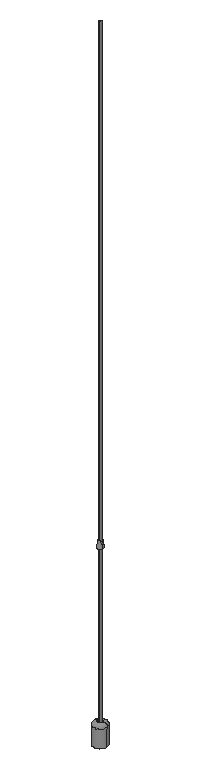
Revit family "Coral 1200", category Lighting Fixtures, host Ceiling, Revit 2017
Family settings
  Host = Ceiling
  Round Connector Dimension = Use Diameter
  Part Type = Normal
  OmniClass Number = 23.80.70.11
  OmniClass Title = Luminaries for Internal Lighting
  Always vertical = Yes
  Cut with Voids When Loaded = No
  Light Source = Yes
  Shared = No
  Room Calculation Point = No
Parameters (values of type "Generic")
  Wattage Comments = "Max. 60 Watts. 110V(US) / 230-240V(EU). Lamp NOT provided."
  Wattage = 6.7321 W
  built-in parameter 1150110 = 1 (stored number, unit not read)
  URL = "https://www.davidtrubridge.com"
  Type Comments = "Ceilig Rose required, contact supplier for options."
  built-in parameter 1114217 = 1 (stored number, unit not read)
  built-in parameter 1150109 = 1 (stored number, unit not read)
  built-in parameter 1150134 = (empty or 0)
  Suspension to top [instance] = Lamp Suspension - 200 mm  # 1800 mm
  built-in parameter 1150113 = 1 (stored number, unit not read)
  Model = "Coral 1200"
  Manufacturer = "David Trubridge"
  Lumens = 1000 lm
  built-in parameter 1150115 = 1 (stored number, unit not read)
  built-in parameter 1150105 = 79.577 (stored number, unit not read)
  Lamp Suspension [instance] = 2000 mm
  Light Source Symbol Size = 300 mm
  built-in parameter 1150137 = (empty or 0)
  built-in parameter 1150139 = (empty or 0)
  Lamp Wattage = 0 W
  built-in parameter 1150112 = 1 (stored number, unit not read)
  built-in parameter 1150114 = 1 (stored number, unit not read)
  Lamp = "E27 / (E26 USA)"
  built-in parameter 1150132 = 2
  built-in parameter 1150102 = (empty or 0)
  built-in parameter 1150138 = (empty or 0)
  built-in parameter 1150107 = 3000 (stored number, unit not read)
  built-in parameter 1150106 = 0.79577 (stored number, unit not read)
  built-in parameter 1150104 = 13.8 (stored number, unit not read)
  Dimming Lamp Color Temperature Shift = <None>
  Description = "Pendant in bamboo plywood. Can be made in a large range of colours. Lamp is not supplied"
  Cordset finish = Plastic, Opaque White
  Color Filter = 16777215
  built-in parameter 1114218 = 1 (stored number, unit not read)
  built-in parameter 1150133 = 10 (stored number, unit not read)
  Apparent Load = 0 VA
Reference planes
  plane 1 "Light Source Axis (F/B)": y = 0
  plane 2: z = 0
  plane 3 "Light Source Axis (L/R)": x = 0
  plane 4 "Ceiling": z = 4000
  plane 5 "Light Source Elevation": z = 2000
  plane 6 "Top of pendant": z = 2580
  plane 7 "Light Socket": z = 2050
  plane 8 "Outer edge": x = -600
  plane 9 "Outer Edge": x = 600
  plane 10 "Bottom of Pendant": z = 1380
Forms (mm)
  Revolve 1, solid, material "Plastic, Opaque White" <- "Cordset finish"
    sketch origin (0, 0, -205) x (1, 0, 0) y (0, 0, 1)
      loop
        line (0, 2317) -> (0, 2255) -> (20, 2255) -> (20, 2307)
        arc (20, 2307) -> (17.071, 2314.071) -> (10, 2317) r 10
        line (10, 2317) -> (0, 2317)
      axis (0, 2255) -> (0, 2317)
    angle from 0 to 360
  Extrusion 2, solid, material "Plastic, Opaque White" <- "Cordset finish"
    sketch origin (0, 0, 3200) x (0, 1, 0) y (-1, 0, 0)
      loop
        circle (0, 0) r 3
    from -620 to 800
  Extrusion 3, solid, material "Plastic, Opaque White" <- "Cordset finish"
    sketch origin (0, 0, 3200) x (0, 1, 0) y (-1, 0, 0)
      loop
        circle (0, 0) r 3
    from -1150 to -620
  Revolve 4, solid, material "Plastic, Opaque White" <- "Cordset finish"
    sketch origin (0, 0, -40) x (1, 0, 0) y (0, 0, 1)
      loop
        line (0, 2640) -> (0, 2620) -> (7.5, 2620) -> (5, 2640) -> (0, 2640)
      axis (0, 2620) -> (0, 2640)
    angle from 0 to 360
Dimensions and locks
  equal spacing: host sketch curve, plane 3 "Light Source Axis (L/R)", host sketch curve
  equal spacing: host sketch curve, plane 1 "Light Source Axis (F/B)", host sketch curve
  host sketch curve to host sketch curve = 4000 mm  (x2)
  host ceiling to plane 4 "Ceiling" = 0 mm
  plane 4 "Ceiling" to level = 4000 mm
  "Lamp Suspension": plane 5 "Light Source Elevation" to plane 4 "Ceiling"
  locked: plane 5 "Light Source Elevation" to plane 6 "Top of pendant" at 580
  locked: plane 5 "Light Source Elevation" to plane 7 "Light Socket" at 50
  plane 9 "Outer Edge" to plane 8 "Outer edge" = 1200 mm
  plane 8 "Outer edge" to plane 9 "Outer Edge" = 1200 mm
  locked: plane 10 "Bottom of Pendant" to plane 6 "Top of pendant" at 1200
  aligned and locked: plane 3 "Light Source Axis (L/R)" to imposter light
  aligned and locked: plane 1 "Light Source Axis (F/B)" to imposter light
  aligned and locked: plane 5 "Light Source Elevation" to imposter light
  aligned and locked: plane 6 "Top of pendant" to Extrusion 2
  aligned and locked: Extrusion 3 to Revolve 1
  aligned and locked: plane 7 "Light Socket" to Extrusion 3
  aligned and locked: level to plane 2
  aligned and locked: Extrusion 3 to plane 6 "Top of pendant"
  aligned and locked: plane 6 "Top of pendant" to import instance
  aligned and locked: host ceiling to Extrusion 2
Automatic sketch dimensions
  Revolve 1 sketch curve to plane 3 "Light Source Axis (L/R)" = 0 mm
  plane 3 "Light Source Axis (L/R)" to Revolve 1 sketch curve = 0 mm
  plane 3 "Light Source Axis (L/R)" to Revolve 1 sketch curve = 10 mm
  Revolve 1 sketch curve to Revolve 1 sketch curve = 20 mm
  Revolve 1 sketch curve to plane 5 "Light Source Elevation" = 50 mm
  Revolve 1 sketch curve to Revolve 1 sketch curve = 52 mm
  Revolve 1 sketch curve to level = 563.228 mm
  Revolve 1 sketch curve to plane 4 "Ceiling" = 157.185 mm
  plane 1 "Light Source Axis (F/B)" to Extrusion 2 sketch curve = 0 mm
  Extrusion 2 sketch curve to plane 3 "Light Source Axis (L/R)" = 0 mm
  plane 1 "Light Source Axis (F/B)" to Extrusion 3 sketch curve = 0 mm
  Extrusion 3 sketch curve to plane 3 "Light Source Axis (L/R)" = 0 mm
  Revolve 4 sketch curve to plane 3 "Light Source Axis (L/R)" = 0 mm  (x2)
  Revolve 4 sketch curve to plane 6 "Top of pendant" = 0 mm
  plane 3 "Light Source Axis (L/R)" to Revolve 4 sketch curve = 5 mm
  plane 3 "Light Source Axis (L/R)" to Revolve 4 sketch curve = 7.5 mm
  Revolve 4 sketch curve to plane 6 "Top of pendant" = 20 mm
  Revolve 4 sketch curve to level = 344.8 mm
  plane 4 "Ceiling" to Revolve 4 sketch curve = 40 mm
  radius of Extrusion 2 sketch curve = 3 mm
  radius of Extrusion 3 sketch curve = 3 mm
Connectors
  electrical at (0, 0, 4000)
    settings: index 1, voltage 0 V, apparent load 0 VA, apparent load phase1 0 VA, apparent load phase2 0 VA, apparent load phase3 0 VA, power factor 1, load classification "Other", number of poles 1, system type 30, power factor state 0, is connector primary yes, connector utility no, sub classification motor no, connector description ""
